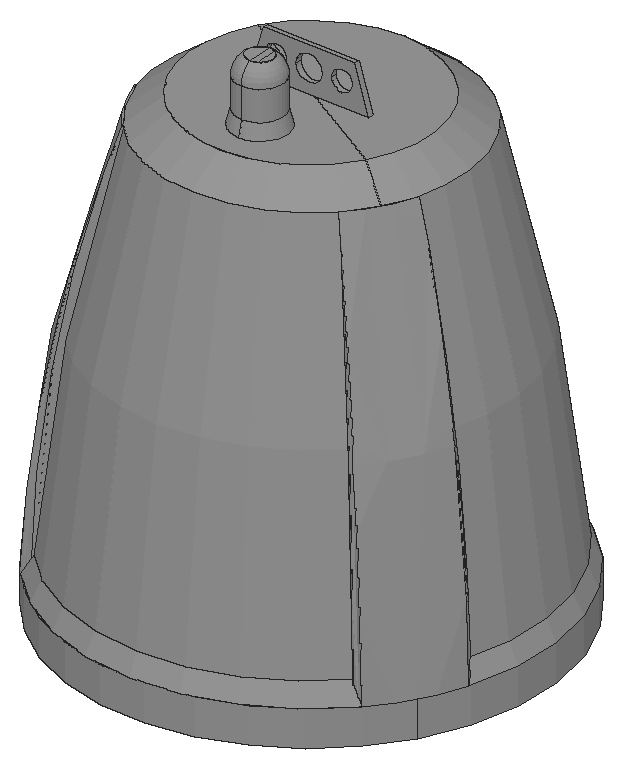
Revit family "QSC NL-P4", category Communication Devices, Revit 2018
Family settings
  Maintain Annotation Orientation = No
  Round Connector Dimension = Use Diameter
  Part Type = Normal
  Work Plane-Based = Yes
  Always vertical = No
  Cut with Voids When Loaded = No
  Shared = No
  Room Calculation Point = No
Parameters (values of type "NL-P4 PoE")
  Width = 173.1 mm  # constant formula
  Weight Product (lb) = 2.88  # constant formula
  Weight Product (kg) = 1.31  # constant formula
  Voltage DC = "PoE (Type 1 Class 4)"
  URL = "https://www.qsc.com/products-solutions/q-sys/audio-network-loudspeakers/nl-series/nl-p4/"
  Temperature Min = "-20° C"  # constant formula
  Temperature Max = "50° C"  # constant formula
  SPL Max = 108
  Regulatory Compliance = "UL/IEC 62368-1, UL 2043"  # constant formula
  Product Page URL = "https://www.qsc.com/products-solutions/q-sys/audio-network-loudspeakers/nl-series/nl-p4/"
  Product Documentation Link = "https://www.qsc.com/resource-files/productresources/dn/nl_series/q_dn_qsys_nl-p4_specs.pdf"
  Power Handling = 12
  Model = "NL-P4"  # constant formula
  Manufacturer URL = "http://www.qsc.com"
  Manufacturer = "QSC, LLC"  # constant formula
  Logo Material [instance] = White Powder Coated Finish
  Grille Material [instance] = White Powder Coated Mesh
  Enclosure Material [instance] = White Finish
  Description = "Network PoE 4-Inch Pendant Loudspeaker\r\n\r\n12-inch, Two-way Trapezoidal Enclosure with 90-degree Axisymmetric Coverage"
  Depth = 199 mm  # constant formula
  Default Elevation = 0 mm
  Coverage Vertical = 100.00°  # constant formula
  Coverage Horizontal = 100.00°  # constant formula
  Communication Ports = "RJ45 Q-LAN"  # constant formula
Types (3, lengths in mm): name | Voltage DC | SPL Max | Power Handling | Description
  (no name) | "PoE (Type 1 Class 4)" | 108 | 12 | "Network PoE 4-Inch Pendant Loudspeaker\r\n\r\n12-inch, Two-way Trapezoidal Enclosure with 90-degree Axisymmetric Coverage"
  NL-P4 PoE | "PoE (Type 1 Class 4)" | 108 | 12 | "Network PoE 4-Inch Pendant Loudspeaker\r\n\r\n12-inch, Two-way Trapezoidal Enclosure with 90-degree Axisymmetric Coverage"
  NL-P4 PoE+ | "PoE+ (Type 2 Class 4)" | 111 | 24 | "Network PoE+ 4-Inch Pendant Loudspeaker\r\n\r\n12-inch, Two-way Trapezoidal Enclosure with 90-degree Axisymmetric Coverage"
Reference planes
  plane 1 "Front": y = 0
  plane 2 "Center (Elevation)": z = 0
  plane 3 "Center (Left/Right)": x = 0
  plane 4 "End": z = 165.46
  plane 5 "Back of Can": z = 174.616
  plane 6 "Start": z = 13.5
  plane 7: z = 20.968
  plane 8 "RP1": through (0, 0, 1219.2) normal (0.6819, -0.7314, 0)
  plane 9 "RP2": through (0, 0, 1219.2) normal (-0.2923, 0.9563, 0)
  plane 10 "RP3": through (0, 0, 1219.2) normal (-0.9744, -0.2249, 0)
  plane 11 "RP4": through (0, 0, 1219.2) normal (0.9744, -0.225, 0)
  plane 12: through (0, 0, 1219.2) normal (0.2924, 0.9563, 0)
  plane 13: through (0, 0, 1219.2) normal (-0.6821, -0.7313, 0)
  plane 14: x = -86.55
  plane 15: x = 86.55
  plane 16: y = 99.5
  plane 17: y = -99.5
Forms (mm)
  Revolve 1, solid, material "White Finish" <- "Enclosure Material"
    sketch origin (-108.434, 62.604, -4.3) x (0.866025, -0.5, 0) y (0, 0, 1)
      loop
        line (125.208, 17.8) -> (125.208, 178.916) -> (81.303, 178.916) -> (69.01, 169.68)
        arc (69.01, 169.68) -> (51.833, 98.136) -> (42.26, 25.185) r 700
        line (42.26, 25.185) -> (38.658, 17.8) -> (125.208, 17.8)
      axis (125.208, 178.916) -> (125.208, 17.8)
    angle from 0 to 360
  Revolve 2, solid, material "White Finish" <- "Enclosure Material"
    sketch origin (0, 0, -4.3) x (0.866025, -0.5, 0) y (0, 0, 1)
      loop
        line (-86.55, 4.3) -> (0, 4.3) -> (0, 17.8) -> (-86.55, 17.8) -> (-86.55, 4.3)
      axis (0, 17.8) -> (0, 4.3)
    angle from 0 to 360
  Revolve 3, solid, material "White Finish" <- "Enclosure Material"
    sketch origin (-94.366, -87.985, -4.3) x (0.731404, 0.681944, 0) y (0, 0, 1)
      loop
        line (129.021, 17.8) -> (129.021, 169.76) -> (72.666, 169.76)
        arc (72.666, 169.76) -> (51.647, 94.957) -> (42.471, 17.8) r 500
        line (42.471, 17.8) -> (129.021, 17.8)
      axis (129.021, 169.76) -> (129.021, 17.8)
    angle from 0 to 26
  Revolve 4, solid, material "Black Finish"
    sketch origin (0, 0, -0.3) x (0.866025, -0.5, 0) y (0, 0, 1)
      loop
        line (0, 6.851) -> (-85, 6.851) -> (-85, 1.004) -> (0, 1.004) -> (0, 6.851)
      axis (0, 6.851) -> (0, 1.004)
    angle from 0 to 360
  SweptBlend 5, void
    path origin (-6.898, -29.87, 0) x (0.225024, 0.974353, 0) y (0, 0, 1)
      loop
        arc (117.403, 7.86) -> (107.996, 90.829) -> (84.912, 171.075) r 500
    profile origin (19.52, 84.522, 7.86) x (-0.224927, -0.973935, -0.0293) y (0.974353, -0.225024, 0)
      loop
        line (-1.986, -4.174) -> (3.975, 0.696) -> (-3.612, 4.239) -> (-1.986, -4.174)
    end profile origin (12.209, 52.865, 171.075) x (-0.210304, -0.910619, -0.355731) y (0.974353, -0.225024, 0)
      loop
        line (0.35, 1.045) -> (-5.719, 2.677) -> (-1.437, -1.516) -> (0.35, 1.045)
  Revolve 6, solid, material "White Finish" <- "Enclosure Material"
    sketch origin (0, 9.5, 0) x (0, 1, 0) y (0, 0, 1)
      loop
        line (-42.72, 191.416) -> (-42.72, 180.116) -> (-44.185, 174.616) -> (-34, 174.616) -> (-34, 198.416) -> (-38.82, 198.416)
        arc (-38.82, 198.416) -> (-41.679, 195.423) -> (-42.72, 191.416) r 8.232
      axis (-34, 198.416) -> (-34, 174.616)
    angle from 0 to 360
  Extrusion 7, solid, material "White Finish" <- "Enclosure Material"
    sketch origin (0, 0, 0) x (1, 0, 0) y (0, 0, 1)
      loop
        line (17.325, 191.266) -> (-17.325, 191.266) -> (-22.64, 174.616) -> (22.64, 174.616) -> (17.325, 191.266)
      loop
        circle (0, 183.516) r 5
      loop
        circle (12.5, 183.516) r 4
      loop
        circle (-12.5, 183.516) r 4
    from -1 to 1
  Revolve 8, solid, material "White Finish" <- "Enclosure Material"
    sketch origin (-29.014, 125.716, -4.3) x (0.224879, -0.974387, 0) y (0, 0, 1)
      loop
        line (129.021, 17.8) -> (129.021, 169.76) -> (72.666, 169.76)
        arc (72.666, 169.76) -> (51.647, 94.957) -> (42.471, 17.8) r 500
        line (42.471, 17.8) -> (129.021, 17.8)
      axis (129.021, 169.76) -> (129.021, 17.8)
    angle from 0 to 26
  Revolve 9, solid, material "White Finish" <- "Enclosure Material"
    sketch origin (123.38, -37.731, -4.3) x (-0.956283, 0.292443, 0) y (0, 0, 1)
      loop
        line (129.021, 17.8) -> (129.021, 169.76) -> (72.666, 169.76)
        arc (72.666, 169.76) -> (51.647, 94.957) -> (42.471, 17.8) r 500
        line (42.471, 17.8) -> (129.021, 17.8)
      axis (129.021, 169.76) -> (129.021, 17.8)
    angle from 0 to 26
  SweptBlend 10, void
    path origin (6.898, -29.87, 0) x (-0.225024, 0.974353, 0) y (0, 0, -1)
      loop
        arc (117.403, -7.86) -> (107.996, -90.829) -> (84.912, -171.075) r 500
    profile origin (-19.52, 84.522, 7.86) x (-0.224927, 0.973935, 0.0293) y (-0.974353, -0.225024, 0)
      loop
        line (1.986, -4.174) -> (3.612, 4.239) -> (-3.975, 0.696) -> (1.986, -4.174)
    end profile origin (-12.209, 52.865, 171.075) x (-0.210304, 0.910619, 0.355731) y (-0.974353, -0.225024, 0)
      loop
        line (-0.35, 1.045) -> (1.437, -1.516) -> (5.719, 2.677) -> (-0.35, 1.045)
  SweptBlend 11, void
    path origin (29.317, 8.961, 0) x (-0.956327, -0.292301, 0) y (0, 0, 1)
      loop
        arc (117.403, 7.86) -> (107.996, 90.829) -> (84.912, 171.075) r 500
    profile origin (-82.959, -25.356, 7.86) x (0.955916, 0.292175, -0.0293) y (-0.292301, 0.956327, 0)
      loop
        line (-1.986, -4.174) -> (3.975, 0.696) -> (-3.612, 4.239) -> (-1.986, -4.174)
    end profile origin (-51.887, -15.859, 171.075) x (0.893772, 0.273181, -0.355731) y (-0.292301, 0.956327, 0)
      loop
        line (0.35, 1.045) -> (-5.719, 2.677) -> (-1.437, -1.516) -> (0.35, 1.045)
  SweptBlend 12, void
    path origin (22.419, 20.909, 0) x (-0.731303, -0.682053, 0) y (0, 0, -1)
      loop
        arc (117.403, -7.86) -> (107.996, -90.829) -> (84.912, -171.075) r 500
    profile origin (-63.438, -59.166, 7.86) x (-0.730989, -0.68176, 0.0293) y (0.682053, -0.731303, 0)
      loop
        line (1.986, -4.174) -> (3.612, 4.239) -> (-3.975, 0.696) -> (1.986, -4.174)
    end profile origin (-39.678, -37.005, 171.075) x (-0.683467, -0.637439, 0.355731) y (0.682053, -0.731303, 0)
      loop
        line (-0.35, 1.045) -> (1.437, -1.516) -> (5.719, 2.677) -> (-0.35, 1.045)
  SweptBlend 13, void
    path origin (-22.419, 20.909, 0) x (0.731303, -0.682053, 0) y (0, 0, 1)
      loop
        arc (117.403, 7.86) -> (107.996, 90.829) -> (84.912, 171.075) r 500
    profile origin (63.438, -59.166, 7.86) x (-0.730989, 0.68176, -0.0293) y (-0.682053, -0.731303, 0)
      loop
        line (-1.986, -4.174) -> (3.975, 0.696) -> (-3.612, 4.239) -> (-1.986, -4.174)
    end profile origin (39.678, -37.005, 171.075) x (-0.683467, 0.637439, -0.355731) y (-0.682053, -0.731303, 0)
      loop
        line (0.35, 1.045) -> (-5.719, 2.677) -> (-1.437, -1.516) -> (0.35, 1.045)
  SweptBlend 14, void
    path origin (-29.317, 8.961, 0) x (0.956327, -0.292301, 0) y (0, 0, -1)
      loop
        arc (117.403, -7.86) -> (107.996, -90.829) -> (84.912, -171.075) r 500
    profile origin (82.959, -25.356, 7.86) x (0.955916, -0.292175, 0.0293) y (0.292301, 0.956327, 0)
      loop
        line (1.986, -4.174) -> (3.612, 4.239) -> (-3.975, 0.696) -> (1.986, -4.174)
    end profile origin (51.887, -15.859, 171.075) x (0.893772, -0.273181, 0.355731) y (0.292301, 0.956327, 0)
      loop
        line (-0.35, 1.045) -> (1.437, -1.516) -> (5.719, 2.677) -> (-0.35, 1.045)
  Extrusion 15, solid, material "White Powder Coated Finish" <- "Logo Material"
    sketch origin (182.677, -24.318, 0) x (1, 0, 0) y (0, 1, 0)
      loop
        line (-168.392, 28.268) -> (-196.527, 28.268)
        arc (-196.527, 28.268) -> (-196.887, 28.119) -> (-197.035, 27.76) r 0.508
        line (-197.035, 27.76) -> (-197.035, 20.111)
        arc (-197.035, 20.111) -> (-196.887, 19.752) -> (-196.527, 19.603) r 0.508
        line (-196.527, 19.603) -> (-168.392, 19.603)
        arc (-168.392, 19.603) -> (-168.033, 19.752) -> (-167.884, 20.111) r 0.508
        line (-167.884, 20.111) -> (-167.884, 27.76)
        arc (-167.884, 27.76) -> (-168.033, 28.119) -> (-168.392, 28.268) r 0.508
    from 0.99 to 0
  Extrusion 16, solid, material "White Finish" <- "Enclosure Material"
    sketch origin (0, 0, 165.46) x (0, -1, 0) y (1, 0, 0)
      loop
        circle (24.5, 0) r 4.82
    from 9.156 to 32.956
Cuts and joins
  SweptBlend 5, SweptBlend 11, SweptBlend 12, SweptBlend 13, SweptBlend 14 cuts Revolve 3
  SweptBlend 5, SweptBlend 10, SweptBlend 11, SweptBlend 12 cuts Revolve 8
  SweptBlend 11, SweptBlend 12, SweptBlend 13, SweptBlend 14 cuts Revolve 9
Lines and regions (mm)
  model lines
    curve 1: line (-1.937, -1.546, 0) -> (0.28, 1.374, 0)
    curve 2: line (0.28, 1.374, 0) -> (-1.937, -1.546, 0)
    curve 3: line (8.315, -1.182, 0) -> (7.478, 1.831, 0)
    curve 4: line (7.478, 1.831, 0) -> (8.315, -1.182, 0)
    curve 5: line (6.916, -3.176, 0) -> (7.541, 2.398, 0)
    curve 6: line (7.541, 2.398, 0) -> (6.916, -3.176, 0)
    curve 7: line (-4.904, 0.724, 0) -> (-6.881, -0.728, 0)
    curve 8: line (-6.881, -0.728, 0) -> (-4.904, 0.724, 0)
Dimensions and locks
  plane 4 "End" to plane 5 "Back of Can" = 9.156 mm
  plane 6 "Start" to plane 7 = 7.468 mm
  plane 7 to plane 4 "End" = 144.492 mm
  plane 6 "Start" to level = 13.5 mm
  plane 4 "End" to plane 7 = 144.492 mm
  "Width": plane 15 to plane 14
  equal spacing: plane 15, plane 3 "Center (Left/Right)", plane 14
  equal spacing: plane 16, plane 1 "Front", plane 17
  "Depth": plane 16 to plane 17
  angle plane 11 "RP4" to plane 10 "RP3" = 26.00°
  angle plane 13 to plane 12 = 26.00°
  angle plane 9 "RP2" to plane 8 "RP1" = 26.00°
  aligned and locked: plane 2 "Center (Elevation)" to level
  aligned and locked: plane 6 "Start" to Revolve 1 sketch curve
  aligned and locked: Revolve 1 sketch curve to plane 5 "Back of Can"
  aligned and locked: plane 4 "End" to Revolve 3 sketch curve
  aligned and locked: plane 6 "Start" to Revolve 3 sketch curve
Automatic sketch dimensions
  plane 5 "Back of Can" to Revolve 1 sketch curve = 0 mm
  Revolve 1 sketch curve to plane 7 = 0.083 mm
  Revolve 1 sketch curve to Revolve 1 sketch curve = 3.602 mm
  plane 4 "End" to Revolve 1 sketch curve = 0.08 mm
  Revolve 1 sketch curve to Revolve 1 sketch curve = 26.75 mm
  Revolve 1 sketch curve to Revolve 1 sketch curve = 12.293 mm
  Revolve 1 sketch curve to Revolve 1 sketch curve = 43.905 mm
  Revolve 1 sketch curve to level = 33.588 mm
  Revolve 1 sketch curve to Revolve 1 sketch curve = 0 mm
  plane 6 "Start" to Revolve 1 sketch curve = 0.09 mm
  Revolve 2 sketch curve to level = 0 mm  (x2)
  Revolve 2 sketch curve to plane 6 "Start" = 0 mm
  Revolve 2 sketch curve to Revolve 2 sketch curve = 86.55 mm
  Revolve 2 sketch curve to Revolve 2 sketch curve = 0 mm
  plane 6 "Start" to Revolve 2 sketch curve = 0.09 mm
  Revolve 3 sketch curve to Revolve 3 sketch curve = 30.195 mm
  Revolve 3 sketch curve to Revolve 3 sketch curve = 86.55 mm
  Revolve 3 sketch curve to level = 6.79 mm
  Revolve 3 sketch curve to Revolve 3 sketch curve = 0 mm
  plane 6 "Start" to Revolve 3 sketch curve = 0.09 mm
  Revolve 3 sketch curve to Revolve 3 sketch curve = 17.6 mm
  level to Revolve 4 sketch curve = 0.704 mm
  level to Revolve 4 sketch curve = 6.551 mm
  Revolve 4 sketch curve to Revolve 4 sketch curve = 85 mm
  Revolve 4 sketch curve to Revolve 4 sketch curve = 0 mm
  Revolve 4 sketch curve to level = 0.3 mm
  Revolve 4 sketch curve to Revolve 4 sketch curve = 3.296 mm
  SweptBlend 5 sketch curve to level = 6.79 mm
  plane 5 "Back of Can" to SweptBlend 5 sketch curve = 3.541 mm
  SweptBlend 5 sketch curve to SweptBlend 5 sketch curve = 467.294 mm
  SweptBlend 5 sketch curve to plane 6 "Start" = 5.64 mm
  profile plane to SweptBlend 5 sketch curve = 3.612 mm
  profile plane to SweptBlend 5 sketch curve = 1.986 mm
  profile plane to SweptBlend 5 sketch curve = 0.696 mm
  SweptBlend 5 sketch curve to profile plane = 3.975 mm
  SweptBlend 5 sketch curve to profile plane = 4.174 mm
  profile plane to SweptBlend 5 sketch curve = 4.239 mm
  profile plane to SweptBlend 5 sketch curve = 2.677 mm
  profile plane to SweptBlend 5 sketch curve = 5.719 mm
  profile plane to SweptBlend 5 sketch curve = 1.437 mm
  SweptBlend 5 sketch curve to profile plane = 0.35 mm
  profile plane to SweptBlend 5 sketch curve = 1.045 mm
  SweptBlend 5 sketch curve to profile plane = 1.516 mm
  plane 5 "Back of Can" to Revolve 6 sketch curve = 0 mm
  plane 1 "Front" to Revolve 6 sketch curve = 34.685 mm
  Revolve 6 sketch curve to Revolve 6 sketch curve = 1.465 mm
  Revolve 6 sketch curve to Revolve 6 sketch curve = 3.9 mm
  Revolve 6 sketch curve to Revolve 6 sketch curve = 4.332 mm
  Revolve 6 sketch curve to Revolve 6 sketch curve = 10.185 mm
  Revolve 6 sketch curve to plane 5 "Back of Can" = 5.5 mm
  Revolve 6 sketch curve to Revolve 6 sketch curve = 11.3 mm
  Revolve 6 sketch curve to Revolve 6 sketch curve = 0 mm
  Revolve 6 sketch curve to Revolve 6 sketch curve = 4.05 mm
  Revolve 6 sketch curve to Revolve 6 sketch curve = 3.925 mm
  Extrusion 7 sketch curve to plane 5 "Back of Can" = 0 mm
  Extrusion 7 sketch curve to plane 3 "Center (Left/Right)" = 0 mm
  Extrusion 7 sketch curve to Extrusion 7 sketch curve = 12.5 mm
  Extrusion 7 sketch curve to Extrusion 7 sketch curve = 4.825 mm  (x2)
  Extrusion 7 sketch curve to Extrusion 7 sketch curve = 10.14 mm  (x2)
  plane 3 "Center (Left/Right)" to Extrusion 7 sketch curve = 12.5 mm
  Extrusion 7 sketch curve to plane 5 "Back of Can" = 8.9 mm  (x3)
  Extrusion 7 sketch curve to Extrusion 7 sketch curve = 7.75 mm
  Revolve 8 sketch curve to plane 6 "Start" = 0 mm
  plane 4 "End" to Revolve 8 sketch curve = 0 mm
  Revolve 8 sketch curve to Revolve 8 sketch curve = 30.195 mm
  Revolve 8 sketch curve to Revolve 8 sketch curve = 86.55 mm
  Revolve 8 sketch curve to level = 6.79 mm
  Revolve 8 sketch curve to Revolve 8 sketch curve = 0 mm
  plane 6 "Start" to Revolve 8 sketch curve = 0.09 mm
  Revolve 8 sketch curve to Revolve 8 sketch curve = 17.6 mm
  plane 6 "Start" to Revolve 9 sketch curve = 0 mm
  Revolve 9 sketch curve to plane 4 "End" = 0 mm
  Revolve 9 sketch curve to Revolve 9 sketch curve = 30.195 mm
  Revolve 9 sketch curve to Revolve 9 sketch curve = 86.55 mm
  Revolve 9 sketch curve to level = 6.79 mm
  Revolve 9 sketch curve to Revolve 9 sketch curve = 0 mm
  plane 6 "Start" to Revolve 9 sketch curve = 0.09 mm
  Revolve 9 sketch curve to Revolve 9 sketch curve = 17.6 mm
  SweptBlend 10 sketch curve to level = 6.79 mm
  plane 5 "Back of Can" to SweptBlend 10 sketch curve = 3.541 mm
  SweptBlend 10 sketch curve to SweptBlend 10 sketch curve = 467.294 mm
  SweptBlend 10 sketch curve to plane 6 "Start" = 5.64 mm
  profile plane to SweptBlend 10 sketch curve = 0.696 mm
  profile plane to SweptBlend 10 sketch curve = 3.975 mm
  SweptBlend 10 sketch curve to profile plane = 1.986 mm
  SweptBlend 10 sketch curve to profile plane = 3.612 mm
  SweptBlend 10 sketch curve to profile plane = 4.174 mm
  profile plane to SweptBlend 10 sketch curve = 4.239 mm
  profile plane to SweptBlend 10 sketch curve = 0.35 mm
  SweptBlend 10 sketch curve to profile plane = 1.437 mm
  profile plane to SweptBlend 10 sketch curve = 2.677 mm
  SweptBlend 10 sketch curve to profile plane = 5.719 mm
  profile plane to SweptBlend 10 sketch curve = 1.045 mm
  SweptBlend 10 sketch curve to profile plane = 1.516 mm
  SweptBlend 11 sketch curve to level = 6.79 mm
  plane 5 "Back of Can" to SweptBlend 11 sketch curve = 3.541 mm
  SweptBlend 11 sketch curve to SweptBlend 11 sketch curve = 467.294 mm
  SweptBlend 11 sketch curve to plane 6 "Start" = 5.64 mm
  profile plane to SweptBlend 11 sketch curve = 3.612 mm
  profile plane to SweptBlend 11 sketch curve = 1.986 mm
  profile plane to SweptBlend 11 sketch curve = 0.696 mm
  SweptBlend 11 sketch curve to profile plane = 3.975 mm
  SweptBlend 11 sketch curve to profile plane = 4.174 mm
  profile plane to SweptBlend 11 sketch curve = 4.239 mm
  profile plane to SweptBlend 11 sketch curve = 2.677 mm
  profile plane to SweptBlend 11 sketch curve = 5.719 mm
  profile plane to SweptBlend 11 sketch curve = 1.437 mm
  SweptBlend 11 sketch curve to profile plane = 0.35 mm
  profile plane to SweptBlend 11 sketch curve = 1.045 mm
  SweptBlend 11 sketch curve to profile plane = 1.516 mm
  SweptBlend 12 sketch curve to level = 6.79 mm
  plane 5 "Back of Can" to SweptBlend 12 sketch curve = 3.541 mm
  SweptBlend 12 sketch curve to SweptBlend 12 sketch curve = 467.294 mm
  SweptBlend 12 sketch curve to plane 6 "Start" = 5.64 mm
  profile plane to SweptBlend 12 sketch curve = 0.696 mm
  profile plane to SweptBlend 12 sketch curve = 3.975 mm
  SweptBlend 12 sketch curve to profile plane = 1.986 mm
  SweptBlend 12 sketch curve to profile plane = 3.612 mm
  SweptBlend 12 sketch curve to profile plane = 4.174 mm
  profile plane to SweptBlend 12 sketch curve = 4.239 mm
  profile plane to SweptBlend 12 sketch curve = 0.35 mm
  SweptBlend 12 sketch curve to profile plane = 1.437 mm
  profile plane to SweptBlend 12 sketch curve = 2.677 mm
  SweptBlend 12 sketch curve to profile plane = 5.719 mm
  profile plane to SweptBlend 12 sketch curve = 1.045 mm
  SweptBlend 12 sketch curve to profile plane = 1.516 mm
  SweptBlend 13 sketch curve to level = 6.79 mm
  plane 5 "Back of Can" to SweptBlend 13 sketch curve = 3.541 mm
  SweptBlend 13 sketch curve to SweptBlend 13 sketch curve = 467.294 mm
  SweptBlend 13 sketch curve to plane 6 "Start" = 5.64 mm
  profile plane to SweptBlend 13 sketch curve = 3.612 mm
  profile plane to SweptBlend 13 sketch curve = 1.986 mm
  profile plane to SweptBlend 13 sketch curve = 0.696 mm
  SweptBlend 13 sketch curve to profile plane = 3.975 mm
  SweptBlend 13 sketch curve to profile plane = 4.174 mm
  profile plane to SweptBlend 13 sketch curve = 4.239 mm
  profile plane to SweptBlend 13 sketch curve = 2.677 mm
  profile plane to SweptBlend 13 sketch curve = 5.719 mm
  profile plane to SweptBlend 13 sketch curve = 1.437 mm
  SweptBlend 13 sketch curve to profile plane = 0.35 mm
  profile plane to SweptBlend 13 sketch curve = 1.045 mm
  SweptBlend 13 sketch curve to profile plane = 1.516 mm
  SweptBlend 14 sketch curve to level = 6.79 mm
  plane 5 "Back of Can" to SweptBlend 14 sketch curve = 3.541 mm
  SweptBlend 14 sketch curve to SweptBlend 14 sketch curve = 467.294 mm
  SweptBlend 14 sketch curve to plane 6 "Start" = 5.64 mm
  profile plane to SweptBlend 14 sketch curve = 0.696 mm
  profile plane to SweptBlend 14 sketch curve = 3.975 mm
  SweptBlend 14 sketch curve to profile plane = 1.986 mm
  SweptBlend 14 sketch curve to profile plane = 3.612 mm
  SweptBlend 14 sketch curve to profile plane = 4.174 mm
  profile plane to SweptBlend 14 sketch curve = 4.239 mm
  profile plane to SweptBlend 14 sketch curve = 0.35 mm
  SweptBlend 14 sketch curve to profile plane = 1.437 mm
  profile plane to SweptBlend 14 sketch curve = 2.677 mm
  SweptBlend 14 sketch curve to profile plane = 5.719 mm
  profile plane to SweptBlend 14 sketch curve = 1.045 mm
  SweptBlend 14 sketch curve to profile plane = 1.516 mm
  plane 1 "Front" to Extrusion 15 sketch curve = 4.206 mm  (x2)
  Extrusion 15 sketch curve to plane 3 "Center (Left/Right)" = 14.359 mm
  Extrusion 15 sketch curve to Extrusion 15 sketch curve = 0.508 mm  (x3)
  plane 3 "Center (Left/Right)" to Extrusion 15 sketch curve = 14.285 mm
  Extrusion 15 sketch curve to plane 1 "Front" = 3.442 mm
  Extrusion 15 to curve 8 = 7.478 mm
  Extrusion 15 to curve 6 = 1.538 mm
  curve 7 to curve 8 = 0 mm
  Extrusion 15 to curve 7 = 3.226 mm
  curve 7 to curve 7 = 1.976 mm
  Extrusion 15 to curve 8 = 3.226 mm
  curve 8 to curve 7 = 0 mm  (x2)
  Extrusion 15 to curve 2 = 3.168 mm
  curve 7 to curve 2 = 2.968 mm
  Extrusion 15 to curve 1 = 3.168 mm
  curve 1 to curve 2 = 0 mm
  Extrusion 15 to curve 1 = 2.576 mm
  curve 1 to curve 1 = 2.216 mm
  Extrusion 15 to curve 2 = 2.576 mm
  curve 2 to curve 1 = 0 mm
  Extrusion 15 to curve 6 = 7.876 mm
  Extrusion 15 to curve 5 = 1.538 mm
  curve 5 to curve 6 = 0 mm
  Extrusion 15 to curve 4 = 2.12 mm
  curve 5 to curve 4 = 0.561 mm
  Extrusion 15 to curve 3 = 2.12 mm
  Extrusion 15 to curve 5 = 1.552 mm
  Extrusion 15 to curve 6 = 1.552 mm
  curve 6 to curve 5 = 0 mm
  curve 5 to curve 4 = 1.399 mm
  curve 3 to curve 4 = 0 mm  (x2)
  curve 5 to curve 4 = 1.994 mm
  curve 7 to curve 7 = 1.452 mm
  Extrusion 16 sketch curve to Extrusion 16 sketch curve = 0 mm  (x2)
  Extrusion 16 sketch curve to plane 3 "Center (Left/Right)" = 0 mm
  Extrusion 16 sketch curve to plane 1 "Front" = 24.5 mm
  Extrusion 16 sketch curve to Extrusion 16 sketch curve = 4.82 mm
  radius of Extrusion 7 sketch curve = 5 mm
  radius of Extrusion 7 sketch curve = 4 mm  (x2)
Connectors
  electrical at (0, -24.5, 198.416)
    settings: on Extrusion 16, index 1, voltage 0 V, apparent load 0 VA, apparent load phase1 0 VA, apparent load phase2 0 VA, apparent load phase3 0 VA, power factor 1, load classification "Other", number of poles 1, system type 14, power factor state 1, is connector primary yes, connector utility no, sub classification motor no, connector description "RJ45 Q-LAN"
